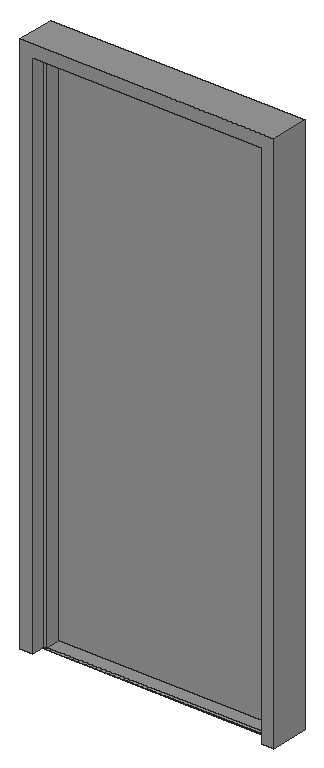
Revit family "AcousticWoodDoors_AMBICO_SingleFrame", category Doors, host Wall, Revit 2026
Family settings
  Host = Wall
  Classification Number = 23.30.10.11.11
  Always vertical = Yes
  Cut with Voids When Loaded = No
  Shared = No
  Room Calculation Point = No
Parameters (values of type "3' x 7'")
  z_Door Side Gap = 0' - 0 1/8"
  ZWidth = if(Width > Maximum Width, Maximum Width, if(Width < Minimum Width, Minimum Width, Width))  # 3' - 0"
  ZHeight = if(Height > Maximum Height, Maximum Height, if(Height < Minimum Height, Minimum Height, Height))  # 7' - 0"
  Warranty = "Five (5) years from date of supply, covering material and workmanship."  # constant formula
  Version = 2  # constant formula
  URL = "https://www.ambico.com/"
  Thickness = 0' - 1 3/4"  # constant formula
  Rough Width = Width + (Frame Width * 2)  # 3' - 4"
  Rough Height = Height + Frame Width  # 7' - 2"
  Product data url = ""
  Product Page URL = "https://www.ambico.com/acoustic-steel-doors-and-frames/"
  Product Material = AMBICO - Wood
  Panel Material = AMBICO - Wood
  Operation = "Swing"  # constant formula
  Model = "STC39 to 46"  # constant formula
  Minimum Width = 2' - 6"  # constant formula
  Minimum Height = 5' - 0"  # constant formula
  Maximum Width = 4' - 8"  # constant formula
  Maximum Height = 8' - 0"  # constant formula
  Manufacturer = "AMBICO"  # constant formula
  Function = Interior
  Height = 7' - 0"
  Wall Closure = By host
  Width = 3' - 0"
  Frame Width = 0' - 2"  # constant formula
  FireRating [instance] = ""
  Fire Rating = "45, 90, 180"
  Description = "STC39 to 46 Details Single Frame"  # constant formula
  Define Thermal Properties by = Schematic Type
  Date Updated = "2024/03/21"  # constant formula
  Date Created = "2023/08/02"  # constant formula
  Analytic Construction = "<None>"
  AcousticRating [instance] = 0
Reference planes (in)
  plane 1 "Center (Front/Back)": y = 0
  plane 2 "Center (Left/Right)": x = 0
  plane 3 "Left": x = -20
  plane 4 "Right": x = 20
  plane 5 "Top": z = 86.01953
  plane 6 "Exterior": y = 3
  plane 7 "Interior": y = -3
  plane 8: z = 84.01953
  plane 9: y = 2.5
  plane 10: y = -2.5
  plane 11: y = 1.0625
  plane 12: y = -1.0625
  plane 13: z = 83.39453
  plane 14: z = 85.96094
  plane 15: y = 2.94141
  plane 16: z = 84.07813
  plane 17: y = 1.00391
  plane 18: z = 83.45313
  plane 19: y = -1.00391
  plane 20: y = -2.94141
  plane 21: x = 18
  plane 22: x = -18
  plane 23: z = 84
  plane 24: y = 1.25
  plane 25: y = 39
  plane 26: x = -16.125
  plane 27: y = 39.125
  plane 28: z = 0.24937
  plane 29: y = 3.125
  plane 30: x = -17.875
  plane 31: x = 17.875
Forms (in)
  Sweep 1, solid, material "AMBICO - Wood" <- "Product Material"
    path origin (0, 0, 0) x (1, 0, 0) y (0, 0, 1)
      loop
        line (-20, 0) -> (-20, 86.01953) -> (20, 86.01953) -> (20, 0)
    profile origin (0, 0, 86.01953) x (0, 0, -1) y (0, -1, 0)
      loop
        line (0, -3) -> (2, -3) -> (2, -1.0625) -> (2.625, -1.0625) -> (2.625, 1.0625) -> (2, 1.0625) -> (2, 3) -> (0, 3) -> (0, -3)
  Extrusion 2, solid, material "AMBICO - Wood" <- "Panel Material"
    sketch origin (0, 0, 0) x (1, 0, 0) y (0, 0, 1)
      loop
        line (-17.875, 0.24937) -> (17.875, 0.24937) -> (17.875, 84) -> (-17.875, 84) -> (-17.875, 0.24937)
    from -3 to -1.25
  Sweep 3, solid, material "AMBICO - Wood" <- "Product Material"
    path origin (0, 3, 0) x (1, 0, 0) y (0, 0, 1)
      loop
        line (18, 0) -> (-18, 0)
    profile "Threshold Profiles : Family5" origin (0, 3, 0) x (0, 0, -1) y (0, -1, 0)
      loop
        line (-0.14027, 1.71883) -> (-0.07793, 1.71883) -> (-0.07793, 1.78117) -> (-0.14027, 1.78117) -> (-0.14027, 3.93203) -> (-0.1091, 4.00996) -> (-0.1091, 3.86969) -> (0, 3.86969) -> (0, 4.24375) -> (-0.12469, 4.24375) -> (-0.24937, 3.93203) -> (-0.24937, -0.43203) -> (-0.12469, -0.74375) -> (0, -0.74375) -> (0, -0.36969) -> (-0.1091, -0.36969) -> (-0.1091, -0.50996) -> (-0.14027, -0.43203) -> (-0.14027, 1.71883)
Lines and regions (in)
  Opening 1
    outline origin (-90, -3, 0) x (1, 0, 0) y (0, 0, 1)
      loop
        line (70, 0) -> (110, 0) -> (110, 86.01953) -> (70, 86.01953) -> (70, 0)
  Masking region 1
    outline origin (0, 0, 0) x (1, 0, 0) y (0, 1, 0)
      loop
        line (-20, -3) -> (-18, -3) -> (-18, -1.0625) -> (-17.375, -1.0625) -> (-17.375, 1.0625) -> (-18, 1.0625) -> (-18, 3) -> (-20, 3) -> (-20, -3)
  Masking region 2
    outline origin (0, 0, 0) x (1, 0, 0) y (0, 1, 0)
      loop
        line (20, -3) -> (20, 3) -> (18, 3) -> (18, 1.0625) -> (17.375, 1.0625) -> (17.375, -1.0625) -> (18, -1.0625) -> (18, -3) -> (20, -3)
  symbolic lines, style "Doors"
    curve 1: line (-17.875, 39.125, 0) -> (-16.125, 39.125, 0)
    curve 2: line (-16.125, 3.125, 0) -> (-16.125, 39.125, 0)
    curve 3: line (-17.875, 3.125, 0) -> (-17.875, 39.125, 0)
    curve 4: line (-17.875, 3.125, 0) -> (-16.125, 3.125, 0)
  symbolic lines
    curve 5: circle (-18, 3.125, 0) r 0.125 normal (0, 0, 1)
  symbolic lines, style "Elevation Swing"
    curve 6: arc (17.875, 3, 0) -> (7.41161, 28.32322, 0) -> (-17.875, 38.87478, 0) r 35.875
Text (in)
  text "Exterior" at (-74.96733, 27.31104, 0), in view "Ref. Level"
  text "Interior" at (-74.96733, -25.14366, 0), in view "Ref. Level"
  text "Exterior" at (0, 40.15149, 123.01588), in view "Right"
  text "Interior" at (0, -64.39139, 123.01588), in view "Right"
  text "Interior" at (0, -31.01599, 123.00693), in view "Left"
  text "Exterior" at (0, 54.57065, 123.00693), in view "Left"
Dimensions and locks (in)
  equal spacing: plane 3 "Left", plane 2 "Center (Left/Right)", plane 4 "Right"
  "ZHeight": level to plane 23
  locked: plane 6 "Exterior" to plane 9 at 0.5
  locked: plane 10 to plane 7 "Interior" at 0.5
  locked: plane 6 "Exterior" to plane 11 at 1.9375
  locked: plane 12 to plane 7 "Interior" at 1.9375
  locked: plane 8 to plane 5 "Top" at 2
  locked: plane 8 to plane 13 at 0.625
  locked: plane 6 "Exterior" to plane 15 at 0.05859
  locked: plane 20 to plane 7 "Interior" at 0.05859
  locked: plane 14 to plane 5 "Top" at 0.05859
  locked: plane 16 to plane 8 at 0.05859
  locked: plane 11 to plane 17 at 0.05859
  locked: plane 19 to plane 12 at 0.05859
  locked: plane 18 to plane 13 at 0.05859
  locked: plane 21 to plane 4 "Right" at 2
  locked: plane 3 "Left" to plane 22 at 2
  "ZWidth": plane 22 to plane 21
  locked: plane 8 to plane 23 at 0.01953
  "Thickness": plane 24 to plane 6 "Exterior"
  "Width": plane 6 "Exterior" to plane 25
  "z_Door Side Gap": plane 27 to plane 25
  locked: level to plane 28 at 0.24937
  "z_Door Side Gap": plane 6 "Exterior" to plane 29
  "z_Door Side Gap": plane 22 to plane 30
  "z_Door Side Gap": plane 31 to plane 21
  plane 30 to plane 26 = 0' - 1 3/4"
  aligned and locked: plane 3 "Left" to Opening 1 sketch curve
  aligned and locked: plane 5 "Top" to Opening 1 sketch curve  (x2)
  aligned and locked: Opening 1 sketch curve to plane 4 "Right"
  aligned and locked: Opening 1 sketch curve to level
  aligned and locked: plane 6 "Exterior" to host wall
  aligned and locked: plane 7 "Interior" to host wall
  aligned and locked: Sweep 1 sketch curve to plane 3 "Left"
  aligned and locked: Sweep 1 sketch curve to plane 4 "Right"
  aligned and locked: Sweep 1 sketch curve to plane 5 "Top"  (x2)
  aligned and locked: level to Sweep 1 sketch curve  (x2)
  aligned and locked: Sweep 1 sketch curve to plane 6 "Exterior"
  aligned and locked: Sweep 1 sketch curve to plane 7 "Interior"
  aligned and locked: Sweep 1 sketch curve to plane 8
  aligned and locked: Sweep 1 sketch curve to plane 11
  aligned and locked: Sweep 1 sketch curve to plane 13
  aligned and locked: Sweep 1 sketch curve to plane 12
  aligned and locked: Extrusion 2 sketch curve to plane 23
  aligned and locked: Extrusion 2 to plane 6 "Exterior"
  aligned and locked: plane 24 to Extrusion 2
  aligned and locked: curve 2 to plane 26
  aligned and locked: plane 28 to Extrusion 2 sketch curve
  aligned and locked: curve 4 to plane 29
  aligned and locked: curve 3 to plane 30
  aligned and locked: plane 30 to Extrusion 2
  aligned and locked: Extrusion 2 to plane 31
  aligned and locked: curve 1 to plane 27
  aligned and locked: Masking region 1 sketch curve to plane 3 "Left"
  aligned and locked: Sweep 1 to Masking region 1 sketch curve
  aligned and locked: Masking region 1 sketch curve to Sweep 1  (x2)
  aligned and locked: Masking region 1 sketch curve to plane 22
  aligned and locked: Masking region 1 sketch curve to plane 7 "Interior"
  aligned and locked: Masking region 1 sketch curve to plane 6 "Exterior"
  aligned and locked: Masking region 2 sketch curve to plane 4 "Right"
  aligned and locked: Masking region 2 sketch curve to plane 21
  aligned and locked: Masking region 2 sketch curve to Sweep 1  (x2)
  aligned and locked: Sweep 1 to Masking region 2 sketch curve
  aligned and locked: Masking region 2 sketch curve to plane 7 "Interior"
  aligned and locked: Masking region 2 sketch curve to plane 6 "Exterior"
  aligned and locked: plane 21 to Sweep 3 sketch curve
  aligned and locked: plane 22 to Sweep 3 sketch curve
Automatic sketch dimensions
  Sweep 1 sketch curve to Sweep 1 sketch curve = 0' - 0"
  Extrusion 2 sketch curve to plane 22 = 0' - 0 1/8"
  plane 21 to Extrusion 2 sketch curve = 0' - 0 1/8"
  curve 6 to host wall = 0' - 0"
  curve 6 to plane 22 = 0' - 0"
  curve 5 to plane 22 = 0' - 0"
  curve 6 to plane 31 = 0' - 0"
  curve 5 to plane 29 = 0' - 0"
  Masking region 1 sketch curve to plane 22 = 0' - 0"
  Masking region 2 sketch curve to plane 21 = 0' - 0"
  Sweep 3 sketch curve to level = 0' - 0"
